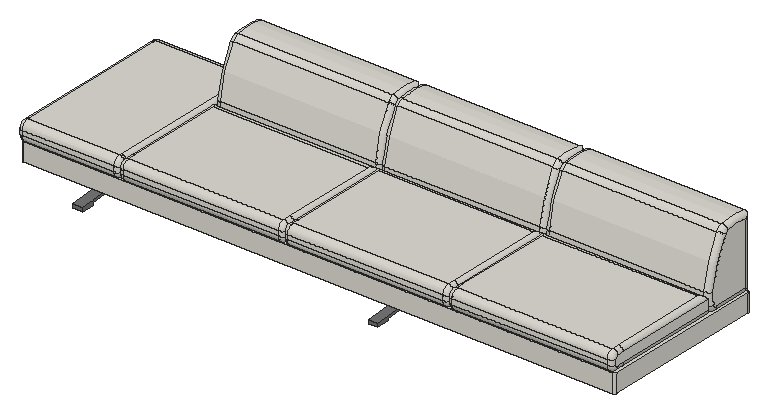
Revit family "Haworth_Kennedee_Sectional_ArmlessWithBench", category Furniture, Revit 2018
Family settings
  OmniClass Number = 23.40.70.14.64.21
  OmniClass Title = Systems Furniture
  Work Plane-Based = No
  Always vertical = Yes
  Cut with Voids When Loaded = No
  Shared = No
  Room Calculation Point = No
Parameters (values of type "HCPF-KEL - Three Seats")
  Warranty = "http://www.haworth.com/resources/product-info/warranties"
  Upholstery Finish [instance] = Haworth _ Leather _ PF Color System _ Latte 70-004
  URL - Product = "http://www.haworth.com/products/Seating/Lounge-Chairs/kennedee"
  URL = "http://www.haworth.com/our-brands/haworth-collection"
  Two Seats = no
  Three Seats = not(or(Two Seats, One Seat))  # yes
  Size = "Verify Final Dim. w/ Haworth"  # constant formula
  Revision Number = "4"  # constant formula
  One Seat = no
  Model = "HCPF-KEL"  # constant formula
  Middle Seat Control = or(Two Seats, Three Seats)  # yes
  Manufacturer = "Haworth"  # constant formula
  Description = "Haworth Kennedee Sectional Armless With Bench"  # constant formula
  Base Finish = Haworth _ Paint _ Metallic Gunmetal
  Author = "Haworth (Hampton)"  # constant formula
  Assembly Code = "E2020200"
  Actual Width = if(One Seat, 57 67/256", if(Two Seats, 92 195/256", 128 67/256"))  # 128 67/256"
Types (3): name | Two Seats | Three Seats | One Seat | Middle Seat Control | Actual Width
  HCPF-KEL - Two Seats | yes | no | no | yes | 92 195/256"
  HCPF-KEL - One Seat | no | no | yes | no | 57 67/256"
  HCPF-KEL - Three Seats | no | yes | no | yes | 128 67/256"
Reference planes (in)
  plane 1 "Bench Center F/B": y = 0
  plane 2: z = 0
  plane 3 "Bench Center L/R": x = 0
  plane 4 "Seat 1 Right": x = 35.5
  plane 5 "Bench Left": x = 0
  plane 6 "Bench Back": y = 17.5
  plane 7 "Bench Front": y = -18.75
  plane 8 "Slab Bottom": z = 6.64598
  plane 9 "Slab Top": z = 10.64598
  plane 10 "Cushion Top": z = 15.14598
  plane 11 "Back Top": z = 26.14598
  plane 12 "Arm Top": z = 20.89598
  plane 13 "Left End": x = -21.76059
  plane 14 "Leg 1": x = -12.29568
  plane 15 "Leg 2": x = -10.29568
  plane 16 "Seat 2 Right": x = 71
  plane 17 "Leg 3": x = 51.48987
  plane 18 "Leg 4": x = 53.48987
  plane 19 "Right": x = 106.50113
Forms (in)
  Extrusion 1, solid, material "Haworth _ Leather _ PF Color System _ Latte 70-004" <- "Upholstery Finish"
    sketch origin (0, 0, 0) x (1, 0, 0) y (0, 1, 0)
      loop
        arc (-21.26059, 17.5) -> (-21.61415, 17.35355) -> (-21.76059, 17) r 0.5
        line (-21.76059, 17) -> (-21.76059, -18.25)
        arc (-21.76059, -18.25) -> (-21.61415, -18.60355) -> (-21.26059, -18.75) r 0.5
        line (-21.26059, -18.75) -> (106.00113, -18.75)
        arc (106.00113, -18.75) -> (106.35468, -18.60355) -> (106.50113, -18.25) r 0.5
        line (106.50113, -18.25) -> (106.50113, 17)
        arc (106.50113, 17) -> (106.35468, 17.35355) -> (106.00113, 17.5) r 0.5
        line (106.00113, 17.5) -> (-21.26059, 17.5)
    from 6.64598 to 10.64598
  Extrusion 2, solid, material "Haworth _ Paint _ Metallic Gunmetal" <- "Base Finish"
    sketch origin (-12.29568, 0, 0) x (0, 1, 0) y (0, 0, 1)
      loop
        line (-4.41562, 1.82273) -> (-16.52388, 0.7653) -> (-16.52388, 0.00041) -> (-13.83907, 0.0004) -> (-13.82638, 0.54474) -> (-4.41402, 1.42903)
        arc (-4.41402, 1.42903) -> (-3.30047, 1.89028) -> (-2.83922, 3.00383) r 1.5748
        line (-2.83922, 3.00383) -> (-2.83921, 5.12901)
        arc (-2.83921, 5.12901) -> (-3.30046, 6.24257) -> (-4.41402, 6.70382) r 1.5748
        line (-4.41402, 6.70382) -> (-9.22157, 6.70382) -> (-9.22157, 6.31012) -> (-4.41561, 6.31012)
        arc (-4.41561, 6.31012) -> (-3.57932, 5.96371) -> (-3.23291, 5.12742) r 1.1827
        line (-3.23291, 5.12742) -> (-3.23292, 3.00543)
        arc (-3.23292, 3.00543) -> (-3.57932, 2.16913) -> (-4.41562, 1.82273) r 1.1827
      loop
        arc (4.41562, 1.82273) -> (3.57932, 2.16913) -> (3.23292, 3.00543) r 1.1827
        line (3.23292, 3.00543) -> (3.23291, 5.12742)
        arc (3.23291, 5.12742) -> (3.57932, 5.96371) -> (4.41561, 6.31012) r 1.1827
        line (4.41561, 6.31012) -> (9.22157, 6.31012) -> (9.22157, 6.70382) -> (4.41402, 6.70382)
        arc (4.41402, 6.70382) -> (3.30046, 6.24257) -> (2.83921, 5.12901) r 1.5748
        line (2.83921, 5.12901) -> (2.83922, 3.00383)
        arc (2.83922, 3.00383) -> (3.30047, 1.89028) -> (4.41402, 1.42903) r 1.5748
        line (4.41402, 1.42903) -> (13.82638, 0.54474) -> (13.83907, 0.0004) -> (16.52388, 0.00041) -> (16.52388, 0.7653) -> (4.41562, 1.82273)
      loop
        arc (-2.76257, 2.92998) -> (-2.30139, 1.81635) -> (-1.18776, 1.35517) r 1.57456
        line (-1.18776, 1.35517) -> (1.18776, 1.35517)
        arc (1.18776, 1.35517) -> (2.30139, 1.81635) -> (2.76257, 2.92998) r 1.57456
        line (2.76257, 2.92998) -> (2.76257, 6.6933) -> (2.36887, 6.6933) -> (2.36887, 2.93157)
        arc (2.36887, 2.93157) -> (2.02349, 2.09538) -> (1.18775, 1.74888) r 1.18112
        line (1.18775, 1.74888) -> (-1.18775, 1.74888)
        arc (-1.18775, 1.74888) -> (-2.024, 2.09589) -> (-2.36886, 2.93303) r 1.18112
        line (-2.36886, 2.93303) -> (-2.36886, 6.69331) -> (-2.76256, 6.69331) -> (-2.76256, 2.9247)
    from 0 to 2
  Extrusion 3, solid, material "Haworth _ Paint _ Metallic Gunmetal" <- "Base Finish", visible <- "Three Seats"
    sketch origin (51.48987, 0, 0) x (0, 1, 0) y (0, 0, 1)
      loop
        line (-4.41562, 1.82273) -> (-16.52388, 0.7653) -> (-16.52388, 0.00041) -> (-13.83907, 0.0004) -> (-13.82638, 0.54474) -> (-4.41402, 1.42903)
        arc (-4.41402, 1.42903) -> (-3.30047, 1.89028) -> (-2.83922, 3.00383) r 1.5748
        line (-2.83922, 3.00383) -> (-2.83921, 5.12901)
        arc (-2.83921, 5.12901) -> (-3.30046, 6.24257) -> (-4.41402, 6.70382) r 1.5748
        line (-4.41402, 6.70382) -> (-9.22157, 6.70382) -> (-9.22157, 6.31012) -> (-4.41561, 6.31012)
        arc (-4.41561, 6.31012) -> (-3.57932, 5.96371) -> (-3.23291, 5.12742) r 1.1827
        line (-3.23291, 5.12742) -> (-3.23292, 3.00543)
        arc (-3.23292, 3.00543) -> (-3.57932, 2.16913) -> (-4.41562, 1.82273) r 1.1827
      loop
        arc (4.41562, 1.82273) -> (3.57932, 2.16913) -> (3.23292, 3.00543) r 1.1827
        line (3.23292, 3.00543) -> (3.23291, 5.12742)
        arc (3.23291, 5.12742) -> (3.57932, 5.96371) -> (4.41561, 6.31012) r 1.1827
        line (4.41561, 6.31012) -> (9.22157, 6.31012) -> (9.22157, 6.70382) -> (4.41402, 6.70382)
        arc (4.41402, 6.70382) -> (3.30046, 6.24257) -> (2.83921, 5.12901) r 1.5748
        line (2.83921, 5.12901) -> (2.83922, 3.00383)
        arc (2.83922, 3.00383) -> (3.30047, 1.89028) -> (4.41402, 1.42903) r 1.5748
        line (4.41402, 1.42903) -> (13.82638, 0.54474) -> (13.83907, 0.0004) -> (16.52388, 0.00041) -> (16.52388, 0.7653) -> (4.41562, 1.82273)
      loop
        arc (-2.76257, 2.92998) -> (-2.30139, 1.81635) -> (-1.18776, 1.35517) r 1.57456
        line (-1.18776, 1.35517) -> (1.18776, 1.35517)
        arc (1.18776, 1.35517) -> (2.30139, 1.81635) -> (2.76257, 2.92998) r 1.57456
        line (2.76257, 2.92998) -> (2.76257, 6.6933) -> (2.36887, 6.6933) -> (2.36887, 2.93157)
        arc (2.36887, 2.93157) -> (2.02349, 2.09538) -> (1.18775, 1.74888) r 1.18112
        line (1.18775, 1.74888) -> (-1.18775, 1.74888)
        arc (-1.18775, 1.74888) -> (-2.024, 2.09589) -> (-2.36886, 2.93303) r 1.18112
        line (-2.36886, 2.93303) -> (-2.36886, 6.69331) -> (-2.76256, 6.69331) -> (-2.76256, 2.9247)
    from 0 to 2
Lines and regions (in)
  Masking region 1
    outline origin (0, 0, 0) x (1, 0, 0) y (0, 1, 0)
      loop
        line (-21.76059, 16.45516) -> (-21.76059, -17.74582)
        arc (-21.76059, -17.74582) -> (-21.44859, -18.47383) -> (-20.70624, -18.75) r 1.00537
        line (-20.70624, -18.75) -> (105.44678, -18.75)
        arc (105.44678, -18.75) -> (106.18913, -18.47383) -> (106.50113, -17.74582) r 1.00537
        line (106.50113, -17.74582) -> (106.50113, 16.45516)
        arc (106.50113, 16.45516) -> (106.1951, 17.19397) -> (105.45628, 17.5) r 1.04484
        line (105.45628, 17.5) -> (-20.71575, 17.5)
        arc (-20.71575, 17.5) -> (-21.45456, 17.19397) -> (-21.76059, 16.45516) r 1.04484
  symbolic lines
    curve 1: line (0, 17.5, 0) -> (0, -18.75, 0)
Dimensions and locks (in)
  "Actual Width": plane 13 "Left End" to plane 19 "Right"
  aligned and locked: Extrusion 1 to plane 8 "Slab Bottom"
  aligned and locked: plane 9 "Slab Top" to Extrusion 1
  aligned and locked: plane 7 "Bench Front" to Extrusion 1
  aligned and locked: plane 6 "Bench Back" to Extrusion 1
  aligned and locked: plane 13 "Left End" to Masking region 1
  aligned and locked: plane 13 "Left End" to Extrusion 1
  aligned and locked: nested 2 to plane 13 "Left End"
  aligned and locked: plane 19 "Right" to Masking region 1
  aligned and locked: Extrusion 1 sketch curve to plane 19 "Right"
  aligned and locked: nested 3 to plane 3 "Bench Center L/R"
  aligned and locked: Extrusion 1 to nested 3
  aligned and locked: plane 6 "Bench Back" to Masking region 1
  aligned and locked: plane 7 "Bench Front" to Masking region 1
  aligned and locked: plane 6 "Bench Back" to curve 1
  aligned and locked: plane 7 "Bench Front" to curve 1
  aligned and locked: curve 1 to plane 3 "Bench Center L/R"
Automatic sketch dimensions
  Extrusion 1 sketch curve to plane 13 "Left End" = 0"
  plane 7 "Bench Front" to Extrusion 1 sketch curve = 0"
  plane 6 "Bench Back" to Extrusion 1 sketch curve = 0"
  Extrusion 1 sketch curve to plane 13 "Left End" = 1/2"  (x2)
  Extrusion 1 sketch curve to plane 19 "Right" = 1/2"
  Extrusion 1 sketch curve to Extrusion 1 sketch curve = 1/2"
  level to Extrusion 2 sketch curve = 0.7653"
  Extrusion 2 sketch curve to plane 7 "Bench Front" = 2.22612"
  level to Extrusion 2 sketch curve = 0.0004"  (x2)
  Extrusion 2 sketch curve to Extrusion 2 sketch curve = 2.68482"
  level to Extrusion 2 sketch curve = 0.54474"  (x2)
  Extrusion 2 sketch curve to Extrusion 2 sketch curve = 0.01269"  (x2)
  plane 8 "Slab Bottom" to Extrusion 2 sketch curve = 0.05784"  (x2)
  Extrusion 2 sketch curve to Extrusion 2 sketch curve = 4.60481"
  level to Extrusion 2 sketch curve = 1.82273"
  plane 1 "Bench Center F/B" to Extrusion 2 sketch curve = 4.41562"
  Extrusion 2 sketch curve to Extrusion 2 sketch curve = 0"  (x5)
  Extrusion 2 sketch curve to plane 8 "Slab Bottom" = 0.33586"  (x2)
  level to Extrusion 2 sketch curve = 1.42903"  (x2)
  Extrusion 2 sketch curve to Extrusion 2 sketch curve = 0.0016"  (x10)
  Extrusion 2 sketch curve to Extrusion 2 sketch curve = 1.1811"  (x3)
  Extrusion 2 sketch curve to plane 8 "Slab Bottom" = 1.51856"  (x2)
  Extrusion 2 sketch curve to Extrusion 2 sketch curve = 0.3937"  (x9)
  Extrusion 2 sketch curve to Extrusion 2 sketch curve = 0.07665"  (x3)
  plane 8 "Slab Bottom" to Extrusion 2 sketch curve = 0.04733"  (x4)
  Extrusion 2 sketch curve to Extrusion 2 sketch curve = 1.18086"  (x3)
  plane 1 "Bench Center F/B" to Extrusion 2 sketch curve = 1.18776"
  Extrusion 2 sketch curve to plane 1 "Bench Center F/B" = 1.18775"
  Extrusion 2 sketch curve to Extrusion 2 sketch curve = 0.00025"  (x3)
  Extrusion 2 sketch curve to plane 1 "Bench Center F/B" = 2.36887"
  Extrusion 2 sketch curve to Extrusion 2 sketch curve = 0.07664"
  Extrusion 2 sketch curve to Extrusion 2 sketch curve = 1.65145"
  Extrusion 2 sketch curve to Extrusion 2 sketch curve = 4.80756"
  Extrusion 2 sketch curve to plane 6 "Bench Back" = 3.67362"
  Extrusion 2 sketch curve to plane 6 "Bench Back" = 0.97612"
  level to Extrusion 2 sketch curve = 0.00041"  (x2)
  Extrusion 2 sketch curve to Extrusion 2 sketch curve = 0.76489"
  level to Extrusion 2 sketch curve = 1.35517"
  Extrusion 2 sketch curve to Extrusion 2 sketch curve = 0.07913"
  Extrusion 2 sketch curve to Extrusion 2 sketch curve = 0.07385"  (x2)
  Extrusion 2 sketch curve to plane 8 "Slab Bottom" = 0.33585"
  Masking region 1 sketch curve to plane 13 "Left End" = 0"
  plane 6 "Bench Back" to Masking region 1 sketch curve = 0"
  Masking region 1 sketch curve to plane 19 "Right" = 0"
  Masking region 1 sketch curve to plane 7 "Bench Front" = 1.00418"  (x2)
  Masking region 1 sketch curve to Masking region 1 sketch curve = 1.00537"
  Masking region 1 sketch curve to Masking region 1 sketch curve = 1.04484"
  plane 7 "Bench Front" to Masking region 1 sketch curve = 0"
  Masking region 1 sketch curve to plane 19 "Right" = 1.05435"
  Masking region 1 sketch curve to plane 19 "Right" = 1.04484"
  level to Extrusion 3 sketch curve = 0.7653"
  Extrusion 3 sketch curve to plane 7 "Bench Front" = 2.22612"
  level to Extrusion 3 sketch curve = 0.0004"  (x2)
  Extrusion 3 sketch curve to Extrusion 3 sketch curve = 2.68482"
  level to Extrusion 3 sketch curve = 0.54474"  (x2)
  Extrusion 3 sketch curve to Extrusion 3 sketch curve = 0.01269"  (x2)
  plane 8 "Slab Bottom" to Extrusion 3 sketch curve = 0.05784"  (x2)
  Extrusion 3 sketch curve to Extrusion 3 sketch curve = 4.60481"
  level to Extrusion 3 sketch curve = 1.82273"
  plane 1 "Bench Center F/B" to Extrusion 3 sketch curve = 4.41562"
  Extrusion 3 sketch curve to Extrusion 3 sketch curve = 0"  (x5)
  Extrusion 3 sketch curve to plane 8 "Slab Bottom" = 0.33586"  (x2)
  level to Extrusion 3 sketch curve = 1.42903"  (x2)
  Extrusion 3 sketch curve to Extrusion 3 sketch curve = 0.0016"  (x10)
  Extrusion 3 sketch curve to Extrusion 3 sketch curve = 1.1811"  (x3)
  Extrusion 3 sketch curve to plane 8 "Slab Bottom" = 1.51856"  (x2)
  Extrusion 3 sketch curve to Extrusion 3 sketch curve = 0.3937"  (x9)
  Extrusion 3 sketch curve to Extrusion 3 sketch curve = 0.07665"  (x3)
  plane 8 "Slab Bottom" to Extrusion 3 sketch curve = 0.04733"  (x4)
  Extrusion 3 sketch curve to Extrusion 3 sketch curve = 1.18086"  (x3)
  plane 1 "Bench Center F/B" to Extrusion 3 sketch curve = 1.18776"
  Extrusion 3 sketch curve to plane 1 "Bench Center F/B" = 1.18775"
  Extrusion 3 sketch curve to Extrusion 3 sketch curve = 0.00025"  (x3)
  Extrusion 3 sketch curve to plane 1 "Bench Center F/B" = 2.36887"
  Extrusion 3 sketch curve to Extrusion 3 sketch curve = 0.07664"
  Extrusion 3 sketch curve to Extrusion 3 sketch curve = 1.65145"
  Extrusion 3 sketch curve to Extrusion 3 sketch curve = 4.80756"
  Extrusion 3 sketch curve to plane 6 "Bench Back" = 3.67362"
  Extrusion 3 sketch curve to plane 6 "Bench Back" = 0.97612"
  level to Extrusion 3 sketch curve = 0.00041"  (x2)
  Extrusion 3 sketch curve to Extrusion 3 sketch curve = 0.76489"
  level to Extrusion 3 sketch curve = 1.35517"
  Extrusion 3 sketch curve to Extrusion 3 sketch curve = 0.07913"
  Extrusion 3 sketch curve to Extrusion 3 sketch curve = 0.07385"  (x2)
  Extrusion 3 sketch curve to plane 8 "Slab Bottom" = 0.33585"
Nested families (in)
  nested 1: "Haworth_Kennedee-Cushion" at (-2, -3.4991, 0), type "Bench"
  nested 2: "Haworth_Kennedee-Seating-Cushion" at (-30.63559, -4.50208, 0), type "Cushion Depth"
    with Bench Depth 37 1/2"
  nested 3: "Haworth_Kennedee-Seating-Cushion-Back" at (0, 0, 0), type "Back"
  nested 4: "Haworth_Kennedee-Cushion" at (33.5, -3.4991, 0), visible <- "Middle Seat Control", type "Bench"
  nested 5: "Haworth_Kennedee-Seating-Cushion-Back" at (35.5, 0, 0), visible <- "Middle Seat Control", type "Back"
  nested 6: "Haworth_Kennedee-Cushion" at (69, -3.4991, 0), visible <- "Three Seats", type "Bench"
  nested 7: "Haworth_Kennedee-Seating-Cushion-Back" at (71, 0, 0), visible <- "Three Seats", type "Back"
Definition of nested family "Haworth_Kennedee-Cushion"
  Parameters
    URL - Product = "www.haworthcollection.com"
    Model = "Haworth_Kennedee-Seating_Cushion"  # constant formula
    Description = "Haworth_Kennedee-Seating_Cushion"
    URL = "www.haworthcollection.com"
    Size = "Verify Final Dim. w/ Haworth"  # constant formula
    Revision Number = "1"  # constant formula
    Manufacturer = "Haworth"  # constant formula
    Cushion Width = 35 1/2"
    Chair Finish = none
    Author = "Haworth (Hampton)"  # constant formula
    Assembly Code = "E2020200"
  Reference planes (in)
    plane 1 "Center F/B": y = 0
    plane 2: z = 0
    plane 3 "Center L/R": x = 19.75
    plane 4 "Left": x = 2
    plane 5 "Right": x = 37.5
    plane 6 "Chair Front": y = -15.125
    plane 7 "Top": z = 27.5
    plane 8 "Chair Bottom": z = 4
    plane 9 "Seat Top": z = 14.875
    plane 10 "Frame Top": z = 25.5
    plane 11: z = 0.5
  Forms (in)
    Extrusion 1, solid, material <- "Chair Finish"
      sketch origin (37.5, -17.25, 0) x (0, 1, 0) y (0, 0, 1)
        loop
          arc (1.125, 12.29715) -> (1.56434, 11.23649) -> (2.625, 10.79715) r 1.5
          line (2.625, 10.79715) -> (4.125, 10.79715) -> (4.125, 14.875) -> (2.625, 14.875)
          arc (2.625, 14.875) -> (1.56434, 14.43566) -> (1.125, 13.375) r 1.5
          line (1.125, 13.375) -> (1.125, 12.29715)
      from -35.5 to 0
    Extrusion 2, void
      sketch origin (2, 0, 0) x (0, -1, 0) y (0, 0, 1)
        loop
          line (-9.875, 14.875) -> (-9.875, 13.375)
          arc (-9.875, 13.375) -> (-9.43566, 14.43566) -> (-8.375, 14.875) r 1.5
          line (-8.375, 14.875) -> (-9.875, 14.875)
      from -35.5 to 0
    Sweep 3, void
      path origin (2, 0, 0) x (0, -1, 0) y (0, 0, 1)
        loop
          line (-9.875, 14.875) -> (14.625, 14.875)
          arc (14.625, 14.875) -> (15.68566, 14.43566) -> (16.125, 13.375) r 1.5
          line (16.125, 13.375) -> (16.125, 12.29715)
          arc (16.125, 12.29715) -> (15.68566, 11.23649) -> (14.625, 10.79715) r 1.5
          line (14.625, 10.79715) -> (13.125, 10.79715)
      profile origin (2, -2.375, 14.875) x (0, 0, 1) y (-1, 0, 0)
        loop
          line (0, 0) -> (-1, 0)
          arc (-1, 0) -> (-0.29289, -0.29289) -> (0, -1) r 1
          line (0, -1) -> (0, 0)
    Sweep 4, void
      path origin (37.5, -17.25, 0) x (0, 1, 0) y (0, 0, 1)
        loop
          line (4.125, 10.79715) -> (2.625, 10.79715)
          arc (2.625, 10.79715) -> (1.56434, 11.23649) -> (1.125, 12.29715) r 1.5
          line (1.125, 12.29715) -> (1.125, 13.375)
          arc (1.125, 13.375) -> (1.56434, 14.43566) -> (2.625, 14.875) r 1.5
          line (2.625, 14.875) -> (27.125, 14.875)
      profile origin (37.5, -2.375, 14.875) x (0, 0, 1) y (1, 0, 0)
        loop
          line (0, 0) -> (-1, 0)
          arc (-1, 0) -> (-0.29289, -0.29289) -> (0, -1) r 1
          line (0, -1) -> (0, 0)
    Extrusion 5, solid, material <- "Chair Finish"
      sketch origin (37.5, -13.125, 14.875) x (0, 0, -1) y (-1, 0, 0)
        loop
          line (0, 34.5) -> (0, 1)
          arc (0, 1) -> (0.29289, 0.29289) -> (1, 0) r 1
          line (1, 0) -> (3.07785, 0)
          arc (3.07785, 0) -> (3.78496, 0.29289) -> (4.07785, 1) r 1
          line (4.07785, 1) -> (4.07785, 34.5)
          arc (4.07785, 34.5) -> (3.78496, 35.20711) -> (3.07785, 35.5) r 1
          line (3.07785, 35.5) -> (1, 35.5)
          arc (1, 35.5) -> (0.29289, 35.20711) -> (0, 34.5) r 1
      from 0 to 23
  Cuts and joins
    Extrusion 2, Sweep 3, Sweep 4 cuts Extrusion 1
    Extrusion 2 cuts Extrusion 5
    joined: Extrusion 1, Extrusion 5
  Lines and regions (in)
    Masking region 1
      outline origin (0, 0, 27.5) x (-1, 0, 0) y (0, -1, 0)
        loop
          line (-2, -9.875) -> (-2, 15.125)
          arc (-2, 15.125) -> (-2.29356, 15.83371) -> (-3.00227, 16.12727) r 1.00227
          line (-3.00227, 16.12727) -> (-36.49773, 16.12727)
          arc (-36.49773, 16.12727) -> (-37.20644, 15.83371) -> (-37.5, 15.125) r 1.00227
          line (-37.5, 15.125) -> (-37.5, -9.875) -> (-2, -9.875)
  Dimensions and locks (in)
    locked: plane 7 "Top" to level at 27.5
    locked: plane 8 "Chair Bottom" to level at 4
    plane 9 "Seat Top" to level = 14 7/8"
    locked: plane 7 "Top" to plane 10 "Frame Top" at 2
    locked: plane 11 to level at 0.5
    "Cushion Width": plane 4 "Left" to plane 5 "Right"
    equal spacing: plane 4 "Left", plane 3 "Center L/R", plane 5 "Right"
    aligned and locked: Extrusion 1 to plane 9 "Seat Top"
    aligned and locked: plane 4 "Left" to Extrusion 1
    aligned and locked: plane 5 "Right" to Masking region 1
    aligned and locked: plane 5 "Right" to Extrusion 2
    aligned and locked: plane 4 "Left" to Masking region 1
    aligned: Masking region 1 to cut or joined group of Extrusion 1, Extrusion 2, Sweep 3, Sweep 4, Extrusion 5
    aligned: plane 5 "Right" to cut or joined group of Extrusion 1, Extrusion 2, Sweep 3, Sweep 4, Extrusion 5
  Automatic sketch dimensions
    Extrusion 1 sketch curve to plane 9 "Seat Top" = 0"
    Extrusion 1 sketch curve to plane 6 "Chair Front" = 1"
    plane 6 "Chair Front" to Extrusion 1 sketch curve = 1/2"  (x2)
    Extrusion 1 sketch curve to Extrusion 1 sketch curve = 1 1/2"
    Extrusion 1 sketch curve to Extrusion 1 sketch curve = 1.07785"
    Extrusion 2 sketch curve to plane 9 "Seat Top" = 0"  (x2)
    Extrusion 2 sketch curve to plane 9 "Seat Top" = 1 1/2"
    Extrusion 2 sketch curve to plane 1 "Center F/B" = 9 7/8"
    Extrusion 2 sketch curve to Extrusion 2 sketch curve = 0"
    Masking region 1 sketch curve to plane 5 "Right" = 0"
    Masking region 1 sketch curve to plane 6 "Chair Front" = 0"  (x2)
    Masking region 1 sketch curve to plane 4 "Left" = 0"
    Masking region 1 sketch curve to plane 5 "Right" = 1.00227"
    Masking region 1 sketch curve to plane 1 "Center F/B" = 9 7/8"
    Sweep 3 sketch curve to plane 9 "Seat Top" = 0"
    Sweep 3 sketch curve to plane 1 "Center F/B" = 9 7/8"
    plane 6 "Chair Front" to Sweep 3 sketch curve = 2"
    plane 6 "Chair Front" to Sweep 3 sketch curve = 1/2"  (x2)
    Sweep 3 sketch curve to plane 6 "Chair Front" = 1"
    Sweep 3 sketch curve to Sweep 3 sketch curve = 1.07785"
    plane 4 "Left" to Sweep 3 sketch curve = 0"
    Sweep 3 sketch curve to profile plane = 0"
    Sweep 3 sketch curve to Sweep 3 sketch curve = 1"
    Sweep 4 sketch curve to plane 9 "Seat Top" = 0"
    Sweep 4 sketch curve to plane 6 "Chair Front" = 1"
    plane 6 "Chair Front" to Sweep 4 sketch curve = 1/2"  (x2)
    Sweep 4 sketch curve to Sweep 4 sketch curve = 1 1/2"
    Sweep 4 sketch curve to plane 1 "Center F/B" = 9 7/8"
    Sweep 4 sketch curve to Sweep 4 sketch curve = 1.07785"
    Sweep 4 sketch curve to plane 5 "Right" = 0"
    Sweep 4 sketch curve to profile plane = 0"
    Sweep 4 sketch curve to Sweep 4 sketch curve = 1"
    Extrusion 5 sketch curve to Extrusion 1 = 0"  (x3)
    Extrusion 1 to Extrusion 5 sketch curve = 0"
    Extrusion 5 sketch curve to Extrusion 1 = 1"
    Extrusion 1 to Extrusion 5 sketch curve = 1"  (x3)
Definition of nested family "Haworth_Kennedee-Seating-Cushion"
  Parameters
    URL - Product = "www.haworth.com/en-us/Products/Furniture/Castelli-For-Haworth/Lounge-Seating/Pages/m_sit.aspx"
    Model = "Haworth_Kennedee-Seating-Cushion"  # constant formula
    Description = "Haworth_Kennedee-Seating-Cushion"
    URL = "www.haworthcollection.com"
    Size = "Verify Final Dim. w/ Haworth"  # constant formula
    Revision Number = "1"  # constant formula
    Manufacturer = "Haworth"  # constant formula
    Bench Width = 21 3/4"
    Bench Depth = 38"
    Chair Finish = none
    Author = "Haworth (Hampton)"  # constant formula
    Assembly Code = "E2020200"
  Reference planes (in)
    plane 1 "Center F/B": y = 0
    plane 2: z = 0
    plane 3 "Center L/R": x = 19.75
    plane 4 "Left": x = 8.875
    plane 5 "Right": x = 30.625
    plane 6 "Chair Front": y = -15.125
    plane 7 "Top": z = 27.5
    plane 8 "Chair Bottom": z = 4
    plane 9 "Seat Top": z = 14.875
    plane 10 "Frame Top": z = 25.5
    plane 11: z = 0.5
    plane 12: y = 22.875
  Forms (in)
    Sweep 1, void
      path origin (30.625, -17.25, 0) x (0, 1, 0) y (0, 0, 1)
        loop
          line (4.125, 10.79715) -> (3.625, 10.79715)
          arc (3.625, 10.79715) -> (2.56434, 11.23649) -> (2.125, 12.29715) r 1.5
          line (2.125, 12.29715) -> (2.125, 13.375)
          arc (2.125, 13.375) -> (2.56434, 14.43566) -> (3.625, 14.875) r 1.5
          line (3.625, 14.875) -> (4.125, 14.875)
      profile origin (30.625, -13.375, 14.875) x (0, 0, 1) y (1, 0, 0)
        loop
          line (0, 0) -> (-1, 0)
          arc (-1, 0) -> (-0.29289, -0.29289) -> (0, -1) r 1
          line (0, -1) -> (0, 0)
    Extrusion 2, solid, material <- "Chair Finish"
      sketch origin (37.5, -13.125, 14.875) x (0, 0, -1) y (-1, 0, 0)
        loop
          line (0, 27.625) -> (0, 7.875)
          arc (0, 7.875) -> (0.29289, 7.16789) -> (1, 6.875) r 1
          line (1, 6.875) -> (3.07785, 6.875)
          arc (3.07785, 6.875) -> (3.78496, 7.16789) -> (4.07785, 7.875) r 1
          line (4.07785, 7.875) -> (4.07785, 27.625)
          arc (4.07785, 27.625) -> (3.78496, 28.33211) -> (3.07785, 28.625) r 1
          line (3.07785, 28.625) -> (1, 28.625)
          arc (1, 28.625) -> (0.29289, 28.33211) -> (0, 27.625) r 1
      from -0.02153 to 34.02153
    Extrusion 3, solid, material <- "Chair Finish"
      sketch origin (30.625, 35.02153, 0) x (0, -1, 0) y (0, 0, -1)
        loop
          line (12.14653, -12.29715) -> (12.14653, -13.375)
          arc (12.14653, -13.375) -> (12.58587, -14.43566) -> (13.64653, -14.875) r 1.5
          line (13.64653, -14.875) -> (14.125, -14.875) -> (14.125, -10.79715) -> (13.64653, -10.79715)
          arc (13.64653, -10.79715) -> (12.58587, -11.23649) -> (12.14653, -12.29715) r 1.5
      from -21.75 to 0
    Extrusion 4, solid, material <- "Chair Finish"
      sketch origin (30.625, -17.27153, 0) x (0, 1, 0) y (0, 0, 1)
        loop
          arc (2.14653, 12.29715) -> (2.58587, 11.23649) -> (3.64653, 10.79715) r 1.5
          line (3.64653, 10.79715) -> (4.125, 10.79715) -> (4.125, 14.875) -> (3.64653, 14.875)
          arc (3.64653, 14.875) -> (2.58587, 14.43566) -> (2.14653, 13.375) r 1.5
          line (2.14653, 13.375) -> (2.14653, 12.29715)
      from -21.75 to 0
    Sweep 5, void
      path origin (8.875, -17.25, 0) x (0, 1, 0) y (0, 0, -1)
        loop
          line (4.125, -10.79715) -> (3.625, -10.79715)
          arc (3.625, -10.79715) -> (2.56434, -11.23649) -> (2.125, -12.29715) r 1.5
          line (2.125, -12.29715) -> (2.125, -13.375)
          arc (2.125, -13.375) -> (2.56434, -14.43566) -> (3.625, -14.875) r 1.5
          line (3.625, -14.875) -> (4.125, -14.875)
      profile origin (8.875, -13.375, 14.875) x (0, 0, -1) y (-1, 0, 0)
        loop
          line (0, 0) -> (0, -1)
          arc (0, -1) -> (0.29289, -0.29289) -> (1, 0) r 1
          line (1, 0) -> (0, 0)
    Sweep 6, void
      path origin (30.625, 40, 0) x (0, -1, 0) y (0, 0, 1)
        loop
          line (19.125, 10.79715) -> (18.625, 10.79715)
          arc (18.625, 10.79715) -> (17.56434, 11.23649) -> (17.125, 12.29715) r 1.5
          line (17.125, 12.29715) -> (17.125, 13.375)
          arc (17.125, 13.375) -> (17.56434, 14.43566) -> (18.625, 14.875) r 1.5
          line (18.625, 14.875) -> (19.125, 14.875)
      profile origin (30.625, 21.125, 14.875) x (0, 0, -1) y (1, 0, 0)
        loop
          line (0, 0) -> (0, -1)
          arc (0, -1) -> (0.29289, -0.29289) -> (1, 0) r 1
          line (1, 0) -> (0, 0)
    Sweep 7, void
      path origin (8.875, 40, 0) x (0, -1, 0) y (0, 0, 1)
        loop
          line (19.125, 10.79715) -> (18.625, 10.79715)
          arc (18.625, 10.79715) -> (17.56434, 11.23649) -> (17.125, 12.29715) r 1.5
          line (17.125, 12.29715) -> (17.125, 13.375)
          arc (17.125, 13.375) -> (17.56434, 14.43566) -> (18.625, 14.875) r 1.5
          line (18.625, 14.875) -> (19.125, 14.875)
      profile origin (8.875, 21.125, 14.875) x (0, 0, 1) y (-1, 0, 0)
        loop
          line (0, 0) -> (-1, 0)
          arc (-1, 0) -> (-0.29289, -0.29289) -> (0, -1) r 1
          line (0, -1) -> (0, 0)
  Cuts and joins
    Sweep 1, Sweep 5, Sweep 7 cuts Extrusion 2
    Sweep 1, Sweep 6, Sweep 7 cuts Extrusion 3
    Sweep 1, Sweep 5, Sweep 7 cuts Extrusion 4
    joined: Extrusion 2, Extrusion 3, Extrusion 4
  Lines and regions (in)
    Masking region 1
      outline origin (0, 0, 27.5) x (-1, 0, 0) y (0, -1, 0)
        loop
          line (-8.875, -21.87273) -> (-8.875, 14.12273)
          arc (-8.875, 14.12273) -> (-9.16856, 14.83144) -> (-9.87727, 15.125) r 1.00227
          line (-9.87727, 15.125) -> (-29.62273, 15.125)
          arc (-29.62273, 15.125) -> (-30.33144, 14.83144) -> (-30.625, 14.12273) r 1.00227
          line (-30.625, 14.12273) -> (-30.625, -21.87273)
          arc (-30.625, -21.87273) -> (-30.33144, -22.58144) -> (-29.62273, -22.875) r 1.00227
          line (-29.62273, -22.875) -> (-9.87727, -22.875)
          arc (-9.87727, -22.875) -> (-9.16856, -22.58144) -> (-8.875, -21.87273) r 1.00227
  Dimensions and locks (in)
    locked: plane 7 "Top" to level at 27.5
    locked: plane 8 "Chair Bottom" to level at 4
    plane 9 "Seat Top" to level = 14 7/8"
    locked: plane 7 "Top" to plane 10 "Frame Top" at 2
    locked: plane 11 to level at 0.5
    "Bench Width": plane 4 "Left" to plane 5 "Right"
    equal spacing: plane 4 "Left", plane 3 "Center L/R", plane 5 "Right"
    "Bench Depth": plane 12 to plane 6 "Chair Front"
    aligned and locked: plane 5 "Right" to Masking region 1
    aligned and locked: plane 4 "Left" to Masking region 1
    aligned and locked: Masking region 1 to plane 12
    aligned and locked: Masking region 1 to plane 6 "Chair Front"
    aligned and locked: Extrusion 2 to Extrusion 3
    aligned and locked: plane 6 "Chair Front" to Sweep 1 sketch curve
    aligned and locked: Sweep 6 to plane 12
    aligned and locked: Sweep 7 to plane 12
    aligned and locked: plane 4 "Left" to Extrusion 3
    aligned and locked: plane 4 "Left" to Extrusion 4
  Automatic sketch dimensions
    Sweep 1 sketch curve to plane 9 "Seat Top" = 0"
    plane 6 "Chair Front" to Sweep 1 sketch curve = 1 1/2"  (x2)
    Sweep 1 sketch curve to Sweep 1 sketch curve = 1/2"  (x2)
    Sweep 1 sketch curve to Sweep 1 sketch curve = 1.07785"
    Sweep 1 sketch curve to plane 5 "Right" = 0"
    Sweep 1 sketch curve to profile plane = 0"
    Sweep 1 sketch curve to Sweep 1 sketch curve = 1"
    Extrusion 2 sketch curve to plane 9 "Seat Top" = 0"
    Extrusion 2 sketch curve to plane 5 "Right" = 0"
    plane 4 "Left" to Extrusion 2 sketch curve = 0"
    Extrusion 2 sketch curve to plane 9 "Seat Top" = 1"
    Extrusion 2 sketch curve to plane 4 "Left" = 1"  (x2)
    Extrusion 2 sketch curve to Extrusion 2 sketch curve = 2.07785"  (x2)
    Extrusion 3 sketch curve to plane 12 = 0"
    Extrusion 3 sketch curve to plane 9 "Seat Top" = 0"
    Extrusion 3 sketch curve to plane 12 = 1 1/2"
    Extrusion 3 sketch curve to Extrusion 3 sketch curve = 0"
    Extrusion 3 sketch curve to Extrusion 3 sketch curve = 0.47847"
    Extrusion 3 sketch curve to Extrusion 3 sketch curve = 1.07785"
    Extrusion 4 sketch curve to plane 6 "Chair Front" = 0"
    Extrusion 4 sketch curve to plane 9 "Seat Top" = 0"
    plane 6 "Chair Front" to Extrusion 4 sketch curve = 1 1/2"
    Extrusion 4 sketch curve to Extrusion 4 sketch curve = 0"
    Extrusion 4 sketch curve to Extrusion 4 sketch curve = 0.47847"
    Extrusion 4 sketch curve to Extrusion 4 sketch curve = 1.07785"
    Sweep 5 sketch curve to plane 6 "Chair Front" = 0"
    Sweep 5 sketch curve to plane 9 "Seat Top" = 0"
    plane 6 "Chair Front" to Sweep 5 sketch curve = 1 1/2"  (x2)
    Sweep 5 sketch curve to Sweep 5 sketch curve = 1/2"  (x2)
    Sweep 5 sketch curve to Sweep 5 sketch curve = 1.07785"
    Sweep 5 sketch curve to profile plane = 0"
    profile plane to Sweep 5 sketch curve = 0"
    Sweep 5 sketch curve to profile plane = 1"
    Sweep 6 sketch curve to plane 9 "Seat Top" = 0"
    plane 9 "Seat Top" to Sweep 6 sketch curve = 2.57785"
    plane 1 "Center F/B" to Sweep 6 sketch curve = 22 7/8"
    Sweep 6 sketch curve to Sweep 6 sketch curve = 1 1/2"  (x2)
    Sweep 6 sketch curve to Sweep 6 sketch curve = 1/2"  (x2)
    Sweep 6 sketch curve to profile plane = 0"
    Sweep 6 sketch curve to plane 5 "Right" = 0"
    Sweep 6 sketch curve to profile plane = 1"
    Sweep 7 sketch curve to plane 9 "Seat Top" = 0"
    Sweep 7 sketch curve to plane 9 "Seat Top" = 2.57785"
    Sweep 7 sketch curve to plane 1 "Center F/B" = 22 7/8"
    Sweep 7 sketch curve to Sweep 7 sketch curve = 1 1/2"  (x2)
    Sweep 7 sketch curve to Sweep 7 sketch curve = 1/2"  (x2)
    profile plane to Sweep 7 sketch curve = 0"
    Sweep 7 sketch curve to profile plane = 0"
    Sweep 7 sketch curve to Sweep 7 sketch curve = 1"
    Masking region 1 sketch curve to plane 5 "Right" = 0"
    Masking region 1 sketch curve to plane 6 "Chair Front" = 0"
    plane 12 to Masking region 1 sketch curve = 0"
    Masking region 1 sketch curve to plane 4 "Left" = 0"
    Masking region 1 sketch curve to Masking region 1 sketch curve = 1.00227"
    Masking region 1 sketch curve to plane 5 "Right" = 1.00227"
    Masking region 1 sketch curve to plane 4 "Left" = 1.00227"  (x2)
Definition of nested family "Haworth_Kennedee-Seating-Cushion-Back"
  Parameters
    URL = "http://haworthcollection.com/"
    Size = "Verify Final Dim. w/ Haworth"  # constant formula
    Revision Number = "1"  # constant formula
    Model = "Haworth_Kennedee-Seating-Cushion-Back_Part"  # constant formula
    Manufacturer = "Haworth"  # constant formula
    Description = "Haworth_Kennedee-Seating-Cushion-Back_Part"
    Bench Finish = none
    Author = "Haworth (Hampton)"  # constant formula
    Assembly Code = "E2020200"
    Actual Width = 35 1/2"
  Reference planes (in)
    plane 1: z = 0
    plane 2 "Bench Center L/R": x = 0
    plane 3 "Seat 1 Right": x = 35.5
    plane 4 "Bench Left": x = 0
    plane 5 "Bench Back": y = 17.5
    plane 6 "Slab Top": z = 10.64598
    plane 7 "Back Top": z = 26.14598
  Forms (in)
    Extrusion 1, solid, material <- "Bench Finish"
      sketch origin (-16, 0, 0) x (0, 1, 0) y (0, 0, -1)
        loop
          line (17.5, -26.03791) -> (17.5, -10.64598) -> (8.52766, -10.64598)
          arc (8.52766, -10.64598) -> (7.37746, -11.08122) -> (6.72157, -12.12151) r 1.93574
          arc (6.72157, -12.12151) -> (6.51124, -13.55369) -> (6.57072, -15) r 7.75555
          arc (6.57072, -15) -> (7.82614, -20.23118) -> (10.10533, -25.10422) r 26.68382
          arc (10.10533, -25.10422) -> (10.65227, -25.70266) -> (11.39044, -26.03791) r 2.02039
          arc (11.39044, -26.03791) -> (14.44522, -26.38195) -> (17.5, -26.03791) r 13.73386
      from -51.5 to -16
    Sweep 2, void
      path in 3D
        loop
          line (35.5, 17.5, 26.03791) -> (35.5, 17.5, 10.64598) -> (35.5, 8.52766, 10.64598)
          arc (35.5, 8.52766, 10.64598) -> (35.5, 7.37746, 11.08122) -> (35.5, 6.72157, 12.12151) r 1.93574
          arc (35.5, 6.72157, 12.12151) -> (35.5, 6.51124, 13.55369) -> (35.5, 6.57072, 15) r 7.75555
          arc (35.5, 6.57072, 15) -> (35.5, 7.82614, 20.23118) -> (35.5, 10.10533, 25.10422) r 26.68382
          arc (35.5, 10.10533, 25.10422) -> (35.5, 10.65227, 25.70266) -> (35.5, 11.39044, 26.03791) r 2.02039
          arc (35.5, 11.39044, 26.03791) -> (35.5, 14.44522, 26.38195) -> (35.5, 17.5, 26.03791) r 13.73386
      profile origin (35.5, 14.44522, 26.38195) x (0, 0, 1) y (1, 0, 0)
        loop
          arc (-1.04484, 0) -> (-0.30603, -0.30603) -> (0, -1.04484) r 1.04484
          line (0, -1.04484) -> (0.06507, -0.12608) -> (0.06507, 0.08499) -> (-0.12608, 0.08499) -> (-1.04484, 0)
    Sweep 3, void
      path in 3D
        loop
          line (0, 17.5, 26.03791) -> (0, 17.5, 10.64598) -> (0, 8.52766, 10.64598)
          arc (0, 8.52766, 10.64598) -> (0, 7.37746, 11.08122) -> (0, 6.72157, 12.12151) r 1.93574
          arc (0, 6.72157, 12.12151) -> (0, 6.51124, 13.55369) -> (0, 6.57072, 15) r 7.75555
          arc (0, 6.57072, 15) -> (0, 7.82614, 20.23118) -> (0, 10.10533, 25.10422) r 26.68382
          arc (0, 10.10533, 25.10422) -> (0, 10.65227, 25.70266) -> (0, 11.39044, 26.03791) r 2.02039
          arc (0, 11.39044, 26.03791) -> (0, 14.44522, 26.38195) -> (0, 17.5, 26.03791) r 13.73386
      profile origin (0, 14.44522, 26.38195) x (0, 0, -1) y (-1, 0, 0)
        loop
          line (1.04484, 0) -> (0.12608, 0.08499) -> (-0.06507, 0.08499) -> (-0.06507, -0.12608) -> (0, -1.04484)
          arc (0, -1.04484) -> (0.30603, -0.30603) -> (1.04484, 0) r 1.04484
  Cuts and joins
    Sweep 2, Sweep 3 cuts Extrusion 1
  Lines and regions (in)
    sketch lines
      curve 1: arc (35.5, 11.39044, 26.03791) -> (35.5, 14.44522, 26.38195) -> (35.5, 17.5, 26.03791) r 13.73386
      curve 2: arc (35.5, 10.10533, 25.10422) -> (35.5, 10.65227, 25.70266) -> (35.5, 11.39044, 26.03791) r 2.02039
      curve 3: arc (35.5, 6.57072, 15) -> (35.5, 7.82614, 20.23118) -> (35.5, 10.10533, 25.10422) r 26.68382
      curve 4: arc (35.5, 6.72157, 12.12151) -> (35.5, 6.51124, 13.55369) -> (35.5, 6.57072, 15) r 7.75555
      curve 5: arc (35.5, 8.52766, 10.64598) -> (35.5, 7.37746, 11.08122) -> (35.5, 6.72157, 12.12151) r 1.93574
      curve 6: line (35.5, 8.52766, 10.64598) -> (35.5, 17.5, 10.64598)
      curve 7: line (35.5, 17.5, 10.64598) -> (35.5, 17.5, 26.03791)
      curve 8: arc (0, 11.39044, 26.03791) -> (0, 14.44522, 26.38195) -> (0, 17.5, 26.03791) r 13.73386
      curve 9: arc (0, 10.10533, 25.10422) -> (0, 10.65227, 25.70266) -> (0, 11.39044, 26.03791) r 2.02039
      curve 10: arc (0, 6.57072, 15) -> (0, 7.82614, 20.23118) -> (0, 10.10533, 25.10422) r 26.68382
      curve 11: arc (0, 6.72157, 12.12151) -> (0, 6.51124, 13.55369) -> (0, 6.57072, 15) r 7.75555
      curve 12: arc (0, 8.52766, 10.64598) -> (0, 7.37746, 11.08122) -> (0, 6.72157, 12.12151) r 1.93574
      curve 13: line (0, 8.52766, 10.64598) -> (0, 17.5, 10.64598)
      curve 14: line (0, 17.5, 10.64598) -> (0, 17.5, 26.03791)
    symbolic lines
      curve 15: line (0, 17.5, 0) -> (0, 6.5, 0)
      curve 16: line (35.5, 17.5, 0) -> (35.5, 6.5, 0)
      curve 17: line (0, 6.5, 0) -> (35.5, 6.5, 0)
  Dimensions and locks (in)
    "Actual Width": plane 2 "Bench Center L/R" to plane 3 "Seat 1 Right"
    aligned and locked: Extrusion 1 to plane 4 "Bench Left"
    aligned and locked: plane 3 "Seat 1 Right" to Extrusion 1
  Automatic sketch dimensions
    curve 15 to plane 2 "Bench Center L/R" = 0"
    curve 16 to plane 3 "Seat 1 Right" = 0"
    curve 16 to plane 5 "Bench Back" = 0"
    curve 15 to plane 5 "Bench Back" = 0"
    curve 17 to curve 16 = 11"
    Extrusion 1 sketch curve to plane 6 "Slab Top" = 0"
    Extrusion 1 sketch curve to plane 5 "Bench Back" = 0"
    Extrusion 1 sketch curve to plane 6 "Slab Top" = 2.00211"
    plane 5 "Bench Back" to Extrusion 1 sketch curve = 3.05478"
    Extrusion 1 sketch curve to Extrusion 1 sketch curve = 0.18906"
    plane 7 "Back Top" to Extrusion 1 sketch curve = 2.07784"
    plane 5 "Bench Back" to Extrusion 1 sketch curve = 5 169/256"
    plane 7 "Back Top" to Extrusion 1 sketch curve = 0.10807"
    Extrusion 1 sketch curve to Extrusion 1 sketch curve = 0"  (x3)
    Extrusion 1 sketch curve to Extrusion 1 sketch curve = 1.28511"
    Extrusion 1 sketch curve to plane 6 "Slab Top" = 1.93431"
    Extrusion 1 sketch curve to Extrusion 1 sketch curve = 5.654"
    Extrusion 1 sketch curve to Extrusion 1 sketch curve = 0.07451"
    Extrusion 1 sketch curve to Extrusion 1 sketch curve = 1.88059"
    Extrusion 1 sketch curve to Extrusion 1 sketch curve = 0.15086"
    Sweep 2 sketch curve to profile plane = 0"  (x2)
    profile plane to Sweep 2 sketch curve = 0.12608"
    Sweep 2 sketch curve to Sweep 2 sketch curve = 0.91876"
    Sweep 2 sketch curve to profile plane = 0.06507"
    Sweep 2 sketch curve to profile plane = 0.12608"
    profile plane to Sweep 2 sketch curve = 0.08499"
    Sweep 3 sketch curve to profile plane = 0"
    profile plane to Sweep 3 sketch curve = 0"
    profile plane to Sweep 3 sketch curve = 0.06507"
    Sweep 3 sketch curve to profile plane = 0.12608"  (x2)
    Sweep 3 sketch curve to Sweep 3 sketch curve = 0.91876"
    profile plane to Sweep 3 sketch curve = 0.08499"
